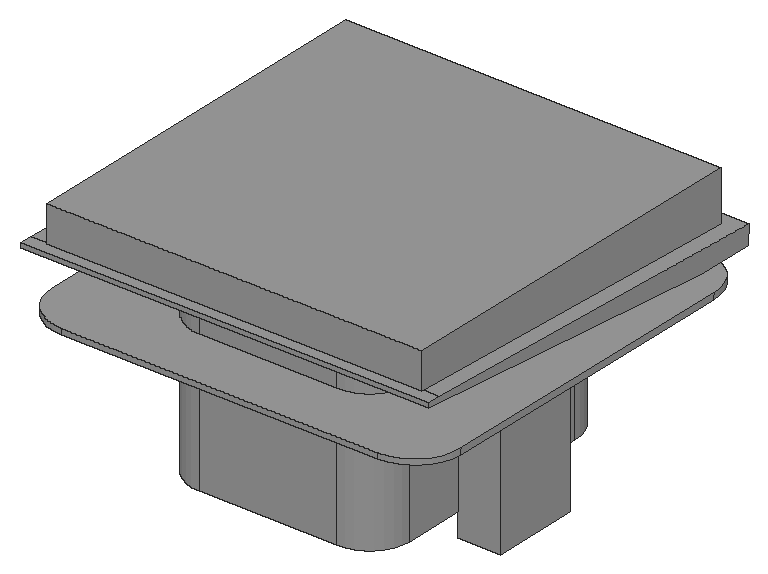
Revit family "Gira_126165", category Electrical Fixtures, host Face, Revit 2017
Family settings
  Host = Face
  Maintain Annotation Orientation = Yes
  Round Connector Dimension = Use Diameter
  Part Type = Normal
  Cut with Voids When Loaded = No
  Shared = No
  Room Calculation Point = No
Parameters (values of type "Door st. 3-g FM Gira TX_44 (WP FM) c.alum.")
  With info label = "Yes"
  With cover = "Yes"
  With camera = "No"
  URL = "http://katalog.gira.de/en/datenblatt.html?artikelnr=126165"
  Protection against vandalism = "Yes"
  Number of call buttons = "3"
  Name = "Door st. 3-g FM Gira TX_44 (WP FM) c.alum."
  Mounting method = "Flush mounted (plaster)"
  Modular construction = "Yes"
  Manufacturer URL = "https://www.gira.de/"
  Manufacturer = "Gira"
  Keynote = ""
  Installation technique = "Bus system"
  HeinzeBIM = "https://bimportal.heinze.de/bim/door-st-3-g-fm-gira-tx-44-wp-fm-c-alum-/a8700827a708c18970ee5962c031f4c979882bb5"
  HAN = "126165"
  GTIN = "4010337261650"
  Description = "Door st.3g FM TX_44 CAl,Door station, 3-gang,,colour aluminium,Features:,- Installation in a conventional flush-mounted device box.,- Fits in the cover frames of the Gira TX_44 switch range.,- Modular design, therefore easy installation and expandability with further components such as call buttons, info module, colour camera, Keyless In.,- Signal transmission and supply of the audio and video components via reverse-polarity-protected and short-circuit-proof 2-wire bus.,- One-man start-up with easy start-up procedure.,- Weather-resistant speaker.,- High-quality electret microphone.,- Speakerphone function (voice-controlled talk-back with echo and background noise suppression).,- Call button LED lamps, white light. Even, clearly visible call-button illumination is achieved via maintenance-free, energy-saving LED technology.,- Audible acknowledgement signal when a call button is pressed.,- Adjustable voice volume.,- Sprayed-water proof call-button cover plate made of shock-resistant plastic.,- Name plate of the call button can be exchanged without tools and without frame disassembly.,- Professional labelling is available from the Gira Inscription Service www.marking.gira.com or using the Gira inscription software.,- Binary input for connecting a zero-voltage push button (NO contact) as a call button.,- Call button, 3-gang,,Notes :,- If only two call buttons are required, please use the call-button cover plate for 3-gang buttons."
  Default Elevation = 1219.2 mm
  Data sheet (1) = "https://katalog.gira.de/en/download.html?artikelnr=126165"
  Colour = "Silver"
  Category = "Door station door communication"
  BIM (1) = "https://media.stage.bim.site/public/gira/36a6b08/TX44_Komplettgerät_Schalten und Tasten.rfa?public/gira/36a6b08/TX44_Komplettgerät_Schalten und Tasten.rfa"
  Available = "No"
Reference planes
  plane 1 "Center (Front/Back)": y = 0
  plane 2 "Reference Level 0": z = 0
  plane 3 "Center (Left/Right)": x = 0
  plane 4: z = -28.6
Forms (mm)
  Extrusion 1, solid, material "Default", detail levels fine
    sketch origin (0, 0, 0) x (1, 0, 0) y (0, 1, 0)
      loop
        line (-32.604, 32.5) -> (-32.604, -32.5) -> (32.735, -32.5) -> (32.735, 32.5) -> (-32.604, 32.5)
    from 0 to 12.3
  Extrusion 2, solid, material "Default", detail levels fine
    sketch origin (0, 0, 0) x (0, 1, 0) y (0, 0, 1)
      loop
        line (35, 3.483) -> (-32.2, 6) -> (-34.55, 6) -> (-34.536, 5.199) -> (24.886, 0) -> (34.939, 0) -> (35, 3.483)
    from -35.5 to 35.5
  Extrusion 3, void
    sketch origin (0, 0, 0) x (0, 1, 0) y (0, 0, 1)
      loop
        line (42.419, 3.205) -> (-32.2, 6) -> (-42.193, 6) -> (-42.193, -11.826) -> (42.419, -11.826) -> (42.419, 3.205)
    from -64.194 to 61.264
  Extrusion 4, solid, material "Default", detail levels fine
    sketch origin (0, 0, 0) x (1, 0, 0) y (0, 1, 0)
      loop
        arc (35.5, 27.5) -> (33.157, 33.157) -> (27.5, 35.5) r 8
        line (27.5, 35.5) -> (-27.5, 35.5)
        arc (-27.5, 35.5) -> (-33.157, 33.157) -> (-35.5, 27.5) r 8
        line (-35.5, 27.5) -> (-35.5, -27.5)
        arc (-35.5, -27.5) -> (-33.157, -33.157) -> (-27.5, -35.5) r 8
        line (-27.5, -35.5) -> (27.5, -35.5)
        arc (27.5, -35.5) -> (33.157, -33.157) -> (35.5, -27.5) r 8
        line (35.5, -27.5) -> (35.5, 27.5)
    from -4.1 to -5.1
  Extrusion 5, solid, material "Default", detail levels fine
    sketch origin (0, 0, 0) x (1, 0, 0) y (0, 1, 0)
      loop
        arc (-12, 25) -> (-16.95, 22.95) -> (-19, 18) r 7
        line (-19, 18) -> (-19, -18)
        arc (-19, -18) -> (-16.95, -22.95) -> (-12, -25) r 7
        line (-12, -25) -> (12, -25)
        arc (12, -25) -> (16.95, -22.95) -> (19, -18) r 7
        line (19, -18) -> (19, 18)
        arc (19, 18) -> (16.95, 22.95) -> (12, 25) r 7
        line (12, 25) -> (-12, 25)
    from 4.692 to -28.6
  Extrusion 6, solid, material "Default", detail levels fine
    sketch origin (0, 0, 0) x (1, 0, 0) y (0, 1, 0)
      loop
        line (-26.5, -7.5) -> (-19, -7.5) -> (-19, 7.5) -> (-26.5, 7.5) -> (-26.5, -7.5)
    from -5.1 to -32.6
  Extrusion 7, solid, material "Default", detail levels fine
    sketch origin (0, 0, 0) x (-1, 0, 0) y (0, -1, 0)
      loop
        line (-26.5, 7.5) -> (-26.5, -7.5) -> (-19, -7.5) -> (-19, 7.5) -> (-26.5, 7.5)
    from -5.1 to -32.6
  Extrusion 8, solid, material "Default", detail levels medium
    sketch origin (0, 0, 0) x (1, 0, 0) y (0, 1, 0)
      loop
        line (-32.604, 32.5) -> (-32.604, -32.5) -> (32.735, -32.5) -> (32.735, 32.5) -> (-32.604, 32.5)
    from 0 to 12.3
  Extrusion 9, solid, material "Default", detail levels medium
    sketch origin (0, 0, 0) x (0, 1, 0) y (0, 0, 1)
      loop
        line (35, 3.483) -> (-32.2, 6) -> (-34.55, 6) -> (-34.445, 0) -> (34.939, 0) -> (35, 3.483)
    from -35.5 to 35.5
  Extrusion 10, solid, material "Default", detail levels medium
    sketch origin (0, 0, 0) x (1, 0, 0) y (0, 1, 0)
      loop
        line (-26.5, 25) -> (-26.5, -25) -> (26.5, -25) -> (26.5, 25) -> (-26.5, 25)
    from 4.692 to -32.6
  Extrusion 11, solid, material "Default", detail levels medium
    sketch origin (0, 0, 0) x (1, 0, 0) y (0, 1, 0)
      loop
        line (35.5, 35.5) -> (-35.5, 35.5) -> (-35.5, -35.5) -> (35.5, -35.5) -> (35.5, 35.5)
    from -4.1 to -5.1
  Extrusion 12, solid, material "Default", detail levels coarse
    sketch origin (0, 0, 0) x (1, 0, 0) y (0, 1, 0)
      loop
        line (35.5, 35.5) -> (-35.5, 35.5) -> (-35.5, -35.5) -> (35.5, -35.5) -> (35.5, 35.5)
    from -32.6 to 12.3
Cuts and joins
  Extrusion 3 cuts Extrusion 1
  joined: Extrusion 1, Extrusion 2, Extrusion 4, Extrusion 5, Extrusion 6, Extrusion 7
Dimensions and locks
  Extrusion 12 to Extrusion 12 = 44.9 mm
  aligned and locked: plane 2 "Reference Level 0" to host face
  aligned and locked: level to host face
  aligned and locked: plane 3 "Center (Left/Right)" to nested 1
  aligned and locked: plane 1 "Center (Front/Back)" to nested 1
Nested families
  nested 1: "Schalter" at (0, 0, 0), type "Schalter"
Connectors
  electrical at (0, 0, -32.6)
    settings: on Extrusion 12, index 1, voltage 220 V, apparent load 0 VA, apparent load phase1 0 VA, apparent load phase2 0 VA, apparent load phase3 0 VA, power factor 1, load classification "Other", number of poles 1, system type 30, power factor state 1, is connector primary yes, connector utility no, sub classification motor no, connector description ""
Definition of nested family "Schalter"
  Reference planes
    plane 1: y = 0
    plane 2: x = 0
  Lines and regions (mm)
    detail lines
      curve 1: circle (1.375, 2.778, 0) r 0.8 normal (0, 0, 1)
      curve 2: line (1.021, 2.061, 0) -> (0, 0, 0)
      curve 3: line (0, 0, 0) -> (-0.538, 0.266, 0)
  Dimensions and locks
    curve 2 to curve 2 = 2.3 mm
    curve 3 to curve 2 = 0.6 mm
    radius of curve 1 = 0.8 mm
